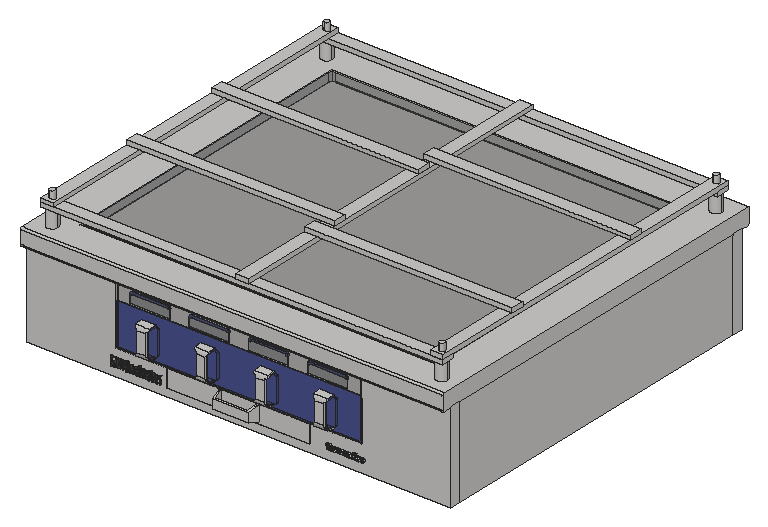
Revit family "QF_ELECTROLUXPROFESSIONAL_589821_MCTCAAJODM", category Specialty Equipment, Revit 2014
Parameters
  Weight in Pounds = 487.22
  URL Cutsheet = ""
  Type Mark [instance] = ""
  Specification by User [instance] = ""
  Specification by Manufacturer = ""
  Serial Number = ""
  Seismic Rating = ""
  SMACNA No = ""
  Revision Code [instance] = ""
  Omniclass Number and Title = ""
  NAFEM Spec ID Number = ""
  Model = "589585"
  Masterspec = ""
  Manufacturer = "ELECTROLUX"
  Item Number [instance] = ""
  Installed By [instance] = ""
  Identify Quantity as Lot [instance] = yes
  Furnished By [instance] = ""
  Foodservice Equipment Identifier [instance] = yes
  Description = "FULL IND+STAT.OVEN,TAP(L)1S,1200X900X700"
  CSI MasterFormat = ""
  CSI Master Format = ""
Reference planes
  plane 1 "BACK": y = 50
  plane 2: z = 0
  plane 3 "LEFT": x = 0
  plane 4 "RIGHT": x = 1000
  plane 5 "FRONT": y = -850
  plane 6 "TOP": z = 900
  plane 7 "Center (Left/Right)": x = 500
  plane 8: y = -400
  plane 9: z = 200
  plane 10: y = -150
  plane 11 "Panel": y = -805
  plane 12: z = 798
  plane 13: z = 1327
  plane 14: x = 78
  plane 15: x = 922
  plane 16: y = -100
  plane 17: y = -600
  plane 18 "EIx": x = 955
  plane 19 "EIy": y = -635
  plane 20: z = 200
  plane 21 "KnobX": x = 935
  plane 22 "BaseTop": z = 650
Forms (mm)
  Extrusion 1, solid, material "QF_Finishes_Stainless Steel"
    sketch origin (-178.969, -4572, 200) x (-1, 0, 0) y (0, -1, 0)
      loop
        line (-178.969, -4577) -> (-178.969, -3767) -> (-1178.969, -3767) -> (-1178.969, -4577) -> (-178.969, -4577)
    from 450 to 662.969
  Extrusion 2, solid, material "QF_Finishes_Stainless Steel"
    sketch origin (0, 0, 650) x (-1, 0, 0) y (0, -1, 0)
      loop
        circle (-955, 635) r 6.35
    from 0 to -11.851
  Extrusion 3, solid, material "QF_Finishes_Stainless Steel"
    sketch origin (500, 296.4, 1219.2) x (0, 1, 0) y (0, 0, 1)
      loop
        line (-246.4, -319.2) -> (-1141.4, -319.2)
        arc (-1141.4, -319.2) -> (-1144.935, -320.664) -> (-1146.4, -324.2) r 5
        line (-1146.4, -324.2) -> (-1146.4, -355.2)
        arc (-1146.4, -355.2) -> (-1144.971, -358.264) -> (-1141.705, -359.139) r 4
        line (-1141.705, -359.139) -> (-1126.4, -356.231) -> (-266.4, -356.231) -> (-251.094, -359.139)
        arc (-251.094, -359.139) -> (-247.829, -358.264) -> (-246.4, -355.2) r 4
        line (-246.4, -355.2) -> (-246.4, -319.2)
    from -500 to 500
  Extrusion 4, solid, material "QF_Finishes_Electrolux_Black Smoke Iluminated"
    sketch origin (0, 0, 900) x (-1, 0, 0) y (0, -1, 0)
      loop
        arc (-90, 30) -> (-82.929, 32.929) -> (-80, 40) r 10
        line (-80, 40) -> (-80, 760)
        arc (-80, 760) -> (-82.929, 767.071) -> (-90, 770) r 10
        line (-90, 770) -> (-911, 770)
        arc (-911, 770) -> (-918.071, 767.071) -> (-921, 760) r 10
        line (-921, 760) -> (-921, 40)
        arc (-921, 40) -> (-918.071, 32.929) -> (-911, 30) r 10
        line (-911, 30) -> (-90, 30)
    from 0 to -20
  Extrusion 5, void
    sketch origin (0, 0, 900) x (-1, 0, 0) y (0, -1, 0)
      loop
        line (-78, 771) -> (-922, 771) -> (-922, 28) -> (-78, 28) -> (-78, 771)
    from 0 to -25
  Extrusion 6, solid, material "QF_Finishes_Stainless Steel"
    sketch origin (0, 0, 900) x (-1, 0, 0) y (0, -1, 0)
      loop
        arc (-90, 32) -> (-84.343, 34.343) -> (-82, 40) r 8
        line (-82, 40) -> (-82, 760)
        arc (-82, 760) -> (-84.343, 765.657) -> (-90, 768) r 8
        line (-90, 768) -> (-910, 768)
        arc (-910, 768) -> (-915.657, 765.657) -> (-918, 760) r 8
        line (-918, 760) -> (-918, 40)
        arc (-918, 40) -> (-915.657, 34.343) -> (-910, 32) r 8
        line (-910, 32) -> (-90, 32)
    from -20 to -25
  Extrusion 7, solid, material "QF_Finishes_Stainless Steel"
    sketch origin (500, 296.4, 1219.2) x (0, 1, 0) y (0, 0, 1)
      loop
        line (-291.4, -569.2) -> (-266.4, -569.2) -> (-266.4, -356.231) -> (-291.4, -356.231) -> (-291.4, -569.2)
    from 500 to -500
Cuts and joins
  Extrusion 5 cuts Extrusion 3
Lines and regions (mm)
  symbolic lines
    curve 1: line (0, 50, 200) -> (1000, 50, 200)
    curve 2: line (0, -850, 200) -> (0, 50, 200)
    curve 3: line (1000, -850, 200) -> (0, -850, 200)
    curve 4: line (1000, 50, 200) -> (1000, -850, 200)
    curve 5: line (910, -30, 200) -> (90, -30, 200)
    curve 6: line (80, -40, 200) -> (80, -760, 200)
    curve 7: line (90, -770, 200) -> (910, -770, 200)
    curve 8: line (920, -760, 200) -> (920, -40, 200)
    curve 9: arc (90, -30, 200) -> (82.929, -32.929, 200) -> (80, -40, 200) r 10
    curve 10: arc (920, -40, 200) -> (917.071, -32.929, 200) -> (910, -30, 200) r 10
    curve 11: arc (910, -770, 200) -> (917.071, -767.071, 200) -> (920, -760, 200) r 10
    curve 12: arc (80, -760, 200) -> (82.929, -767.071, 200) -> (90, -770, 200) r 10
Dimensions and locks
  plane 3 "LEFT" to plane 4 "RIGHT" = 1000 mm
  plane 5 "FRONT" to plane 1 "BACK" = 900 mm
  plane 3 "LEFT" to plane 7 "Center (Left/Right)" to plane 4 "RIGHT" = 500 mm, 500 mm
  equal spacing: plane 5 "FRONT", plane 8, plane 1 "BACK"
  plane 6 "TOP" to level = 900 mm  (x2)
  plane 9 to level = 200 mm
  plane 1 "BACK" to plane 10 to plane 11 "Panel" = 200 mm, 655 mm  (x2)
  plane 6 "TOP" to plane 9 to level = 700 mm, 200 mm
  plane 1 "BACK" to plane 5 "FRONT" = 900 mm
  plane 1 "BACK" to Extrusion 2 = 685 mm
  plane 12 to plane 9 = 598 mm
  plane 13 to plane 6 "TOP" = 427 mm
  plane 6 "TOP" to plane 12 = 102 mm
  plane 14 to plane 3 "LEFT" = 78 mm
  plane 15 to plane 4 "RIGHT" = 78 mm
  locked: plane 1 "BACK" to plane 16 at 150
  locked: plane 16 to plane 17 at 500
  plane 11 "Panel" to plane 5 "FRONT" = 45 mm
  plane 18 "EIx" to plane 4 "RIGHT" = 45 mm
  plane 19 "EIy" to plane 1 "BACK" = 685 mm
  plane 21 "KnobX" to plane 4 "RIGHT" = 65 mm
  aligned and locked: level to plane 2
  aligned and locked: nested 1 to plane 11 "Panel"
  aligned and locked: plane 3 "LEFT" to nested 1
  aligned and locked: Extrusion 4 sketch curve to curve 5
  aligned and locked: Extrusion 4 sketch curve to curve 7
  aligned and locked: Extrusion 5 sketch curve to plane 14
  aligned and locked: plane 15 to Extrusion 5 sketch curve
Automatic sketch dimensions
  Extrusion 3 sketch curve to plane 5 "FRONT" = 0 mm
  Extrusion 3 sketch curve to plane 6 "TOP" = 0 mm
  Extrusion 3 sketch curve to plane 1 "BACK" = 0 mm
  Extrusion 3 sketch curve to plane 5 "FRONT" = 4 mm
  Extrusion 3 sketch curve to Extrusion 3 sketch curve = 0.695 mm
  Extrusion 3 sketch curve to plane 5 "FRONT" = 5 mm
  Extrusion 3 sketch curve to Extrusion 3 sketch curve = 15.305 mm
  plane 1 "BACK" to Extrusion 3 sketch curve = 20 mm
  plane 1 "BACK" to Extrusion 3 sketch curve = 4.695 mm
  Extrusion 3 sketch curve to Extrusion 3 sketch curve = 4 mm
  Extrusion 3 sketch curve to Extrusion 3 sketch curve = 31 mm
  Extrusion 3 sketch curve to plane 6 "TOP" = 36 mm
  Extrusion 3 sketch curve to Extrusion 3 sketch curve = 2.909 mm
  plane 15 to Extrusion 4 sketch curve = 1 mm
  Extrusion 4 sketch curve to plane 14 = 2 mm
  plane 15 to Extrusion 4 sketch curve = 11 mm  (x2)
  Extrusion 4 sketch curve to Extrusion 4 sketch curve = 10 mm  (x2)
  Extrusion 5 sketch curve to plane 16 = 72 mm
  plane 11 "Panel" to Extrusion 5 sketch curve = 34 mm
  Extrusion 1 sketch curve to plane 4 "RIGHT" = 0 mm
  Extrusion 1 sketch curve to plane 3 "LEFT" = 0 mm
  Extrusion 1 sketch curve to plane 11 "Panel" = 0 mm
  plane 1 "BACK" to Extrusion 1 sketch curve = 45 mm
  plane 1 "BACK" to curve 1 = 0 mm
  curve 1 to plane 4 "RIGHT" = 0 mm
  plane 15 to curve 8 = 2 mm
  curve 6 to plane 14 = 2 mm
  curve 2 to plane 3 "LEFT" = 0 mm
  plane 5 "FRONT" to curve 3 = 0 mm
  plane 15 to curve 5 = 12 mm
  plane 15 to curve 11 = 12 mm
  curve 5 to plane 14 = 12 mm
  curve 12 to curve 6 = 10 mm
  curve 5 to plane 16 = 70 mm
  plane 17 to curve 11 = 160 mm
  plane 15 to Extrusion 6 sketch curve = 4 mm
  Extrusion 6 sketch curve to Extrusion 6 sketch curve = 8 mm  (x2)
  Extrusion 6 sketch curve to plane 14 = 12 mm  (x2)
  Extrusion 6 sketch curve to plane 14 = 4 mm
  Extrusion 6 sketch curve to plane 16 = 68 mm
  plane 11 "Panel" to Extrusion 6 sketch curve = 45 mm
  plane 1 "BACK" to Extrusion 7 sketch curve = 45 mm
  plane 1 "BACK" to Extrusion 7 sketch curve = 20 mm
  Extrusion 7 sketch curve to plane 12 = 148 mm
  Extrusion 7 sketch curve to plane 6 "TOP" = 37.031 mm
  Extrusion 2 sketch curve to plane 18 "EIx" = 0 mm
  Extrusion 2 sketch curve to plane 19 "EIy" = 0 mm
  radius of Extrusion 2 sketch curve = 6.35 mm
Nested families
  nested 1: "Front_Panel_W1000_Four Knobs" at (202.376, -805, 0), type "Front_Panel_W1000_Four Knobs"
  nested 2: "Warm" at (1000, -800, 0), type "Warm"
  nested 3: "QF_ELECTROLUXPROFESSIONAL_MARINE1000x900_1" at (100, 50, 0), type "QF_ELECTROLUXPROFESSIONAL_MARINE1000x900_1"
    with Type Mark "", Specification by User "", Revision Code "", Item Number "", Installed By "", Identify Quantity as Lot yes, Furnished By "", Foodservice Equipment Identifier yes
Connectors
  electrical at (955, -635, 638.149)
    settings: on Extrusion 2, index 1, voltage 400 V, apparent load 33000 VA, apparent load phase1 0 VA, apparent load phase2 0 VA, apparent load phase3 0 VA, power factor 1, load classification "Other", number of poles 1, system type 30, power factor state 1, is connector primary yes, connector utility no, sub classification motor no, connector description "ELECTRICAL CONNECTION"
Definition of nested family "Front_Panel_W1000_Four Knobs"
  Reference planes
    plane 1 "Center (Front/Back)": y = 0
    plane 2: z = 0
    plane 3 "Center (Left/Right)": x = 297.624
    plane 4 "Left": x = -202.376
    plane 5 "Right": x = 797.624
    plane 6: y = -45
    plane 7: x = 87.624
    plane 8: x = 227.624
    plane 9: y = -310
    plane 10: y = -25
    plane 11: x = -2.376
    plane 12: x = 367.624
    plane 13: x = 507.624
    plane 14: x = 594.715
  Forms (mm)
    Extrusion 1, solid, material "QF_Finishes_Stainless Steel"
      sketch origin (833.217, 829.203, -1.25) x (0, 1, 0) y (0, 0, 1)
        loop
          line (-854.203, 651.25) -> (-829.203, 651.25) -> (-829.203, 864.25) -> (-854.203, 864.25) -> (-854.203, 651.25)
      from -1035.593 to -35.593
    Extrusion 2, void
      sketch origin (0, 0, 0) x (1, 0, 0) y (0, 0, 1)
        loop
          line (7.624, 853.866) -> (7.624, 711.866) -> (587.624, 711.866) -> (587.624, 853.866) -> (7.624, 853.866)
      from 19.387 to 33.951
    Extrusion 3, void
      sketch origin (0, 0, 0) x (1, 0, 0) y (0, 0, 1)
        loop
          line (128.624, 711.866) -> (128.624, 668.866) -> (466.624, 668.866) -> (466.624, 711.866) -> (128.624, 711.866)
      from 19.387 to 25
    Extrusion 4, solid, material "QF_Finishes_Stainless Steel"
      sketch origin (150, 0, 1) x (1, 0, 0) y (0, 0, 1)
        loop
          line (-21.376, 710.866) -> (-21.376, 667.866) -> (316.624, 667.866) -> (316.624, 710.866) -> (-21.376, 710.866)
      from 19.387 to 25
    Extrusion 5, solid, material "QF_Finishes_Stainless Steel"
      sketch origin (150, 0, 1) x (1, 0, 0) y (0, 1, 0)
        loop
          line (106.059, -25) -> (100.966, -25) -> (105.646, -49.075) -> (189.603, -49.075) -> (194.283, -25) -> (189.189, -25) -> (185.481, -44.075) -> (109.767, -44.075) -> (106.059, -25)
      from 672.593 to 705.67
    Extrusion 6, void
      sketch origin (297.624, 0, 1) x (0, 1, 0) y (0, 0, 1)
        loop
          line (-30, 705.67) -> (-30, 710.67) -> (-56.744, 710.67) -> (-56.744, 667.593) -> (-30, 667.593) -> (-30, 672.593) -> (-53.776, 680.318) -> (-53.776, 697.945) -> (-30, 705.67)
      from -50 to 50
    Extrusion 7, solid, material "QF_Door-Drawer Clearances", detail levels coarse
      sketch origin (150, -265, 1) x (1, 0, 0) y (0, 1, 0)
        loop
          line (106.164, -71.744) -> (189.084, -71.744) -> (194.283, -45) -> (316.624, -45) -> (316.624, 240) -> (-21.376, 240) -> (-21.376, -45) -> (100.966, -45) -> (106.164, -71.744)
      from 672.593 to 705.67
    Extrusion 8, void
      sketch origin (297.624, -280, 1) x (0, 1, 0) y (0, 0, 1)
        loop
          line (-30, 705.67) -> (-30, 710.67) -> (-56.744, 710.67) -> (-56.744, 667.593) -> (-30, 667.593) -> (-30, 672.593) -> (-53.776, 680.318) -> (-53.776, 697.945) -> (-30, 705.67)
      from -50 to 50
  Cuts and joins
    Extrusion 2, Extrusion 3 cuts Extrusion 1
    Extrusion 6 cuts Extrusion 5
    Extrusion 6, Extrusion 8 cuts Extrusion 7
  Lines and regions (mm)
    symbolic lines, style "SpecialityEquipmentHiddenLines"
      curve 1: line (128.624, -45, 0) -> (128.624, -310, 0)
      curve 2: line (128.624, -310, 0) -> (466.624, -310, 0)
      curve 3: line (466.624, -310, 0) -> (466.624, -45, 0)
      curve 4: line (128.624, -300, 0) -> (466.624, -300, 0)
      curve 5: line (250.908, -309.701, 0) -> (255.587, -333.776, 0)
      curve 6: line (255.587, -333.776, 0) -> (339.545, -333.776, 0)
      curve 7: line (339.545, -333.776, 0) -> (344.225, -309.701, 0)
      curve 8: line (256.001, -309.701, 0) -> (259.709, -328.776, 0)
      curve 9: line (259.709, -328.776, 0) -> (335.423, -328.776, 0)
      curve 10: line (335.423, -328.776, 0) -> (339.131, -309.701, 0)
  Dimensions and locks
    equal spacing: plane 5 "Right", plane 3 "Center (Left/Right)", plane 4 "Left"
    plane 5 "Right" to plane 4 "Left" = 1000 mm
    plane 3 "Center (Left/Right)" to plane 7 = 210 mm
    plane 3 "Center (Left/Right)" to plane 8 = 70 mm
    plane 6 to plane 9 = 265 mm
    plane 13 to plane 3 "Center (Left/Right)" = 210 mm
    plane 12 to plane 3 "Center (Left/Right)" = 70 mm
    aligned and locked: cut or joined group of Extrusion 1, Extrusion 2, Extrusion 3 to plane 4 "Left"
    aligned and locked: plane 5 "Right" to cut or joined group of Extrusion 1, Extrusion 2, Extrusion 3
    aligned and locked: plane 3 "Center (Left/Right)" to nested 2
    aligned and locked: cut or joined group of Extrusion 1, Extrusion 2, Extrusion 3 to nested 2
  Automatic sketch dimensions
    plane 7 to Extrusion 3 sketch curve = 41 mm
    plane 3 "Center (Left/Right)" to Extrusion 3 sketch curve = 169 mm
    level to Extrusion 3 sketch curve = 668.866 mm
    Extrusion 3 sketch curve to Extrusion 3 sketch curve = 43 mm
    Extrusion 1 sketch curve to plane 1 "Center (Front/Back)" = 0 mm
    level to Extrusion 1 sketch curve = 650 mm
    plane 4 "Left" to Extrusion 2 sketch curve = 210 mm
    Extrusion 2 sketch curve to plane 5 "Right" = 210 mm
    level to Extrusion 2 sketch curve = 711.866 mm
    Extrusion 2 sketch curve to Extrusion 2 sketch curve = 142 mm
    plane 6 to curve 1 = 0 mm
    plane 6 to curve 3 = 0 mm
    plane 9 to curve 1 = 0 mm
    plane 7 to curve 1 = 41 mm
    curve 1 to curve 4 = 10 mm
    Extrusion 1 sketch curve to plane 6 = 20 mm
    Extrusion 1 sketch curve to Extrusion 1 sketch curve = 213 mm
    plane 7 to Extrusion 4 sketch curve = 41 mm
    Extrusion 4 sketch curve to plane 13 = 41 mm
    level to Extrusion 4 sketch curve = 668.866 mm
    Extrusion 4 sketch curve to Extrusion 4 sketch curve = 43 mm
    plane 10 to Extrusion 5 sketch curve = 0 mm  (x2)
    plane 8 to Extrusion 5 sketch curve = 23.342 mm
    plane 6 to Extrusion 5 sketch curve = 4.075 mm
    Extrusion 5 sketch curve to Extrusion 5 sketch curve = 4.68 mm
    Extrusion 5 sketch curve to Extrusion 5 sketch curve = 5.094 mm  (x2)
    Extrusion 5 sketch curve to plane 6 = 0.925 mm
    Extrusion 5 sketch curve to Extrusion 5 sketch curve = 4.122 mm  (x2)
    Extrusion 5 sketch curve to plane 12 = 32.143 mm
    Extrusion 5 sketch curve to Extrusion 5 sketch curve = 3.708 mm
    plane 6 to Extrusion 6 sketch curve = 11.744 mm
    plane 6 to Extrusion 6 sketch curve = 8.776 mm
    plane 10 to Extrusion 6 sketch curve = 5 mm  (x2)
    level to Extrusion 6 sketch curve = 668.593 mm
    Extrusion 6 sketch curve to Extrusion 6 sketch curve = 5 mm
    Extrusion 6 sketch curve to Extrusion 6 sketch curve = 12.725 mm  (x2)
    Extrusion 6 sketch curve to Extrusion 6 sketch curve = 17.627 mm
    Extrusion 6 sketch curve to Extrusion 6 sketch curve = 7.725 mm
    plane 10 to Extrusion 7 sketch curve = 0 mm
    Extrusion 7 sketch curve to plane 9 = 0 mm  (x2)
    plane 7 to Extrusion 7 sketch curve = 41 mm
    plane 8 to Extrusion 7 sketch curve = 23.342 mm
    Extrusion 7 sketch curve to Extrusion 7 sketch curve = 5.199 mm
    Extrusion 7 sketch curve to plane 12 = 28.54 mm
    Extrusion 7 sketch curve to plane 12 = 23.342 mm
    Extrusion 7 sketch curve to plane 13 = 41 mm
    Extrusion 7 sketch curve to plane 9 = 26.744 mm
    Extrusion 8 sketch curve to plane 9 = 0 mm  (x2)
    Extrusion 8 sketch curve to plane 9 = 23.776 mm
    Extrusion 8 sketch curve to Extrusion 8 sketch curve = 2.968 mm
    level to Extrusion 8 sketch curve = 668.593 mm
    Extrusion 8 sketch curve to Extrusion 8 sketch curve = 5 mm
    Extrusion 8 sketch curve to Extrusion 8 sketch curve = 12.725 mm  (x2)
    Extrusion 8 sketch curve to Extrusion 8 sketch curve = 17.627 mm
    Extrusion 8 sketch curve to Extrusion 8 sketch curve = 7.725 mm
    curve 3 to plane 13 = 41 mm
    plane 9 to curve 5 = 0.299 mm
    plane 8 to curve 5 = 23.283 mm
    curve 5 to curve 5 = 4.68 mm
    plane 9 to curve 8 = 0.299 mm
    curve 5 to curve 8 = 5.094 mm
    curve 5 to curve 9 = 4.122 mm
    curve 9 to plane 12 = 32.201 mm
    plane 9 to curve 10 = 0.299 mm
    curve 9 to curve 10 = 3.708 mm
    curve 9 to curve 7 = 4.122 mm
    plane 9 to curve 7 = 0.299 mm
    curve 10 to curve 7 = 5.094 mm
    curve 9 to plane 9 = 18.776 mm
    curve 6 to curve 8 = 5 mm
  Nested families
    nested 1: "Range Control Handle" at (87.624, -28.137, -209.113) x (-1, 0, 0) z (0, 0, 1), type "Range Control Handle"
    nested 2: "Front glass control panel W1000" at (297.624, 280.644, 2.752), type "Front glass control panel W1000"
    nested 3: "Range Control Handle" at (227.624, -28.137, -209.113) x (-1, 0, 0) z (0, 0, 1), type "Range Control Handle"
    nested 4: "Range Control Handle" at (367.624, -28.137, -209.113), type "Range Control Handle"
    nested 5: "Range Control Handle" at (507.624, -28.137, -209.113), type "Range Control Handle"
    nested 6: "ELX_ThermaLine_Small" at (546.122, -25, 679.426) x (1, 0, 0) z (0, -1, 0), type "ELX_ThermaLine_Small"
      with Show Logo yes, Material_Logo QF_Finishes_Black
    nested 7: "ELX_Professional_Logo_Small" at (57.11, -25, 681.659) x (1, 0, 0) z (0, -1, 0), type "ELX_Professional_Logo_Small"
      with Show Logo yes, Material_Logo QF_Finishes_Black
  Definition of nested family "Range Control Handle"
    Reference planes
      plane 1 "Center (Front/Back)": y = 0
      plane 2: z = 0
      plane 3 "Center (Left/Right)": x = 0
      plane 4: z = 971.092
      plane 5: y = -16.9
    Forms (mm)
      Extrusion 1, solid, material "QF_Finishes_Electrolux Cyan"
        sketch origin (-746.28, 380.497, 208.931) x (-1, 0, 0) y (0, 0, 1)
          loop
            line (-770.101, 786.798) -> (-770.101, 731.649)
            arc (-770.101, 731.649) -> (-769.759, 730.563) -> (-768.855, 729.87) r 1.893
            line (-768.855, 729.87) -> (-763.474, 727.911) -> (-729.81, 727.911) -> (-724.428, 729.87)
            arc (-724.428, 729.87) -> (-723.525, 730.563) -> (-723.183, 731.649) r 1.893
            line (-723.183, 731.649) -> (-723.183, 786.798)
            arc (-723.183, 786.798) -> (-723.529, 787.894) -> (-724.44, 788.593) r 1.91
            line (-724.44, 788.593) -> (-729.683, 790.819) -> (-763.601, 790.819) -> (-768.844, 788.593)
            arc (-768.844, 788.593) -> (-769.755, 787.894) -> (-770.101, 786.798) r 1.91
        from -382.35 to -378.852
      Sweep 2, solid, material "QF_Finishes_Electrolux Cyan"
        path origin (-746.788, 380.496, 208.091) x (0, -1, 0) y (0, 0, 1)
          loop
            line (379.775, 793.281) -> (395.661, 791.048)
            arc (395.661, 791.048) -> (397.781, 787.377) -> (398.517, 783.202) r 12.207
            line (398.517, 783.202) -> (398.517, 737.368)
            arc (398.517, 737.368) -> (397.781, 733.193) -> (395.661, 729.522) r 12.207
            line (395.661, 729.522) -> (379.775, 727.289)
        profile origin (-746.788, -7.222, 1000.256) x (0, -0.139173, 0.990268) y (-1, 0, 0)
          loop
            line (0.782, -763.123) -> (0.782, -730.907) -> (-1.322, -730.907) -> (-1.322, -763.123) -> (0.782, -763.123)
      Sweep 3, solid, material "QF_Finishes_Stainless Steel"
        path origin (-746.788, 380.715, 207.832) x (0, -1, 0) y (0, 0, 1)
          loop
            line (380.478, 795.442) -> (397.218, 793.09)
            arc (397.218, 793.09) -> (399.929, 788.473) -> (400.871, 783.202) r 15.207
            line (400.871, 783.202) -> (400.871, 737.584)
            arc (400.871, 737.584) -> (399.914, 732.274) -> (397.164, 727.633) r 15.207
            line (397.164, 727.633) -> (380.601, 725.305)
        profile origin (-746.788, -8.132, 1002.099) x (0, -0.139173, 0.990268) y (-1, 0, 0)
          loop
            line (0.782, -763.123) -> (0.782, -730.907) -> (-1.322, -730.907) -> (-1.322, -763.123) -> (0.782, -763.123)
      Extrusion 4, void
        sketch origin (889.253, 220.666, 207.993) x (1, 0, 0) y (0, 0, 1)
          loop
            line (-943.038, 816.854) -> (-943.038, 703.686) -> (-899.466, 734.196) -> (-899.466, 786.344) -> (-943.038, 816.854)
        from 230.636 to 242.25
      Extrusion 5, void
        sketch origin (-888.8, 220.666, 207.993) x (-1, 0, 0) y (0, 0, -1)
          loop
            line (-943.038, -816.854) -> (-899.466, -786.344) -> (-899.466, -734.196) -> (-943.038, -703.686) -> (-943.038, -816.854)
        from 230.636 to 242.25
      Extrusion 6, solid, material "QF_Finishes_Electrolux Cyan"
        sketch origin (0, 0, 0) x (1, 0, 0) y (0, 0, 1)
          loop
            circle (0, 971.092) r 7.736
        from -3.137 to -1.645
    Cuts and joins
      Extrusion 4, Extrusion 5 cuts Sweep 3
      Extrusion 4, Extrusion 5 cuts Sweep 2
      joined: Extrusion 1, Extrusion 6
    Lines and regions (mm)
      symbolic lines
        curve 1: line (16.334, -16.9, 0) -> (16.334, -19.227, 0)
        curve 2: spline (16.334, -19.227, 0) -> (15.87, -19.385, 0) -> (15.404, -19.536, 0) -> (14.936, -19.678, 0) -> (14.466, -19.813, 0) -> (13.995, -19.94, 0) -> (13.523, -20.059, 0) -> (13.049, -20.171, 0) -> (12.575, -20.274, 0) -> (12.099, -20.37, 0) -> (11.622, -20.458, 0) -> (11.144, -20.537, 0) -> (10.666, -20.609, 0)
        curve 3: line (10.666, -16.9, 0) -> (10.666, -20.938, 0)
        curve 4: line (-10.213, -20.938, 0) -> (10.666, -20.938, 0)
        curve 5: line (-10.213, -20.938, 0) -> (-10.213, -16.9, 0)
        curve 6: spline (-10.213, -20.609, 0) -> (-10.691, -20.537, 0) -> (-11.169, -20.458, 0) -> (-11.646, -20.37, 0) -> (-12.122, -20.274, 0) -> (-12.597, -20.171, 0) -> (-13.07, -20.059, 0) -> (-13.542, -19.94, 0) -> (-14.013, -19.813, 0) -> (-14.483, -19.678, 0) -> (-14.951, -19.536, 0) -> (-15.417, -19.385, 0) -> (-15.881, -19.227, 0)
        curve 7: line (-15.881, -19.227, 0) -> (-15.881, -16.9, 0)
  Definition of nested family "Front glass control panel W1000"
    Reference planes
      plane 1 "Center (Front/Back)": y = 0
      plane 2: z = 0
      plane 3 "Center (Left/Right)": x = 0
    Forms (mm)
      Extrusion 1, solid, material "QF_Finishes_Electrolux Cyan"
        sketch origin (378.286, 0, 0.617) x (1, 0, 0) y (0, 0, 1)
          loop
            line (-668.286, 806.791) -> (-668.286, 708.497) -> (-88.286, 708.497) -> (-88.286, 806.791) -> (-668.286, 806.791)
        from 300.031 to 304.8
      Extrusion 2, solid, material "QF_Finishes_Electrolux_Black"
        sketch origin (378.286, 0, 0.617) x (1, 0, 0) y (0, 0, 1)
          loop
            line (-668.286, 850.497) -> (-668.286, 806.791) -> (-88.286, 806.791) -> (-88.286, 850.497) -> (-668.286, 850.497)
        from 300.031 to 304.8
      Extrusion 3, void
        sketch origin (378.286, 0, 0.617) x (1, 0, 0) y (0, 0, 1)
          loop
            line (-665.628, 847.565) -> (-665.628, 710.699) -> (-91.196, 710.699) -> (-91.196, 847.565) -> (-665.628, 847.565)
        from 303.697 to 304.8
      Extrusion 4, solid, material "QF_Finishes_Electrolux_Black Smoke Iluminated"
        sketch origin (-378.333, 1.101, -0.633) x (-1, 0, 0) y (0, 0, -1)
          loop
            line (-261.431, -812.62) -> (-355.186, -812.62) -> (-355.186, -834.177) -> (-350.269, -834.177) -> (-348.469, -835.977) -> (-268.039, -835.977) -> (-266.24, -834.177) -> (-261.431, -834.177) -> (-261.431, -812.62)
        from 304.798 to 306.745
      Extrusion 5, solid, material "QF_Finishes_Electrolux_Royal Blue Illuminated"
        sketch origin (-378.333, 1.101, -0.633) x (-1, 0, 0) y (0, 0, -1)
          loop
            line (-350.269, -834.177) -> (-355.078, -834.177)
            arc (-355.078, -834.177) -> (-353.942, -838.747) -> (-349.686, -840.763) r 5.5
            line (-349.686, -840.763) -> (-266.98, -840.763)
            arc (-266.98, -840.763) -> (-262.706, -838.752) -> (-261.529, -834.177) r 5.549
            line (-261.529, -834.177) -> (-266.24, -834.177) -> (-268.039, -835.977) -> (-348.469, -835.977) -> (-350.269, -834.177)
        from 304.798 to 306.745
      Extrusion 6, solid, material "QF_Finishes_Electrolux_Black Smoke Iluminated"
        sketch origin (-518.333, 1.101, -0.633) x (-1, 0, 0) y (0, 0, -1)
          loop
            line (-261.431, -812.62) -> (-355.186, -812.62) -> (-355.186, -834.177) -> (-350.269, -834.177) -> (-348.469, -835.977) -> (-268.039, -835.977) -> (-266.24, -834.177) -> (-261.431, -834.177) -> (-261.431, -812.62)
        from 304.798 to 306.745
      Extrusion 7, solid, material "QF_Finishes_Electrolux_Royal Blue Illuminated"
        sketch origin (-518.333, 1.101, -0.633) x (-1, 0, 0) y (0, 0, -1)
          loop
            line (-350.269, -834.177) -> (-355.078, -834.177)
            arc (-355.078, -834.177) -> (-353.942, -838.747) -> (-349.686, -840.763) r 5.5
            line (-349.686, -840.763) -> (-266.98, -840.763)
            arc (-266.98, -840.763) -> (-262.706, -838.752) -> (-261.529, -834.177) r 5.549
            line (-261.529, -834.177) -> (-266.24, -834.177) -> (-268.039, -835.977) -> (-348.469, -835.977) -> (-350.269, -834.177)
        from 304.798 to 306.745
      Extrusion 8, solid, material "QF_Finishes_Electrolux_Black Smoke Iluminated"
        sketch origin (378.333, 1.101, -0.633) x (1, 0, 0) y (0, 0, 1)
          loop
            line (-261.431, 812.62) -> (-261.431, 834.177) -> (-266.24, 834.177) -> (-268.039, 835.977) -> (-348.469, 835.977) -> (-350.269, 834.177) -> (-355.186, 834.177) -> (-355.186, 812.62) -> (-261.431, 812.62)
        from 304.798 to 306.745
      Extrusion 9, solid, material "QF_Finishes_Electrolux_Royal Blue Illuminated"
        sketch origin (378.333, 1.101, -0.633) x (1, 0, 0) y (0, 0, 1)
          loop
            line (-350.269, 834.177) -> (-348.469, 835.977) -> (-268.039, 835.977) -> (-266.24, 834.177) -> (-261.529, 834.177)
            arc (-261.529, 834.177) -> (-262.706, 838.752) -> (-266.98, 840.763) r 5.549
            line (-266.98, 840.763) -> (-349.686, 840.763)
            arc (-349.686, 840.763) -> (-353.942, 838.747) -> (-355.078, 834.177) r 5.5
            line (-355.078, 834.177) -> (-350.269, 834.177)
        from 304.798 to 306.745
      Extrusion 10, solid, material "QF_Finishes_Electrolux_Black Smoke Iluminated"
        sketch origin (518.333, 1.101, -0.633) x (1, 0, 0) y (0, 0, 1)
          loop
            line (-261.431, 812.62) -> (-261.431, 834.177) -> (-266.24, 834.177) -> (-268.039, 835.977) -> (-348.469, 835.977) -> (-350.269, 834.177) -> (-355.186, 834.177) -> (-355.186, 812.62) -> (-261.431, 812.62)
        from 304.798 to 306.745
      Extrusion 11, solid, material "QF_Finishes_Electrolux_Royal Blue Illuminated"
        sketch origin (518.333, 1.101, -0.633) x (1, 0, 0) y (0, 0, 1)
          loop
            line (-350.269, 834.177) -> (-348.469, 835.977) -> (-268.039, 835.977) -> (-266.24, 834.177) -> (-261.529, 834.177)
            arc (-261.529, 834.177) -> (-262.706, 838.752) -> (-266.98, 840.763) r 5.549
            line (-266.98, 840.763) -> (-349.686, 840.763)
            arc (-349.686, 840.763) -> (-353.942, 838.747) -> (-355.078, 834.177) r 5.5
            line (-355.078, 834.177) -> (-350.269, 834.177)
        from 304.798 to 306.745
    Cuts and joins
      Extrusion 3 cuts Extrusion 1
      Extrusion 3 cuts Extrusion 2
    Dimensions and locks
      aligned and locked: Extrusion 1 to Extrusion 2
      aligned and locked: Extrusion 5 sketch curve to Extrusion 4  (x5)
      aligned and locked: Extrusion 5 to Extrusion 4
      aligned and locked: Extrusion 7 sketch curve to Extrusion 6  (x5)
      aligned and locked: Extrusion 7 to Extrusion 6
      aligned and locked: Extrusion 9 sketch curve to Extrusion 8  (x4)
      aligned and locked: Extrusion 8 to Extrusion 9 sketch curve
      aligned and locked: Extrusion 9 to Extrusion 8
      aligned and locked: Extrusion 11 sketch curve to Extrusion 10  (x4)
      aligned and locked: Extrusion 10 to Extrusion 11 sketch curve
      aligned and locked: Extrusion 11 to Extrusion 10
  Definition of nested family "ELX_ThermaLine_Small"
    Parameters (values of type "ELX_ThermaLine_Small")
      Show Logo [instance] = yes
      Material_Logo [instance] = QF_Finishes_Black
      Default Elevation = 0 mm
    Reference planes
      plane 1 "Centro (Fronte/Retro)": y = 0
      plane 2: z = 0
      plane 3 "Centro (Sinistra/Destra)": x = 0
    Forms (mm)
      Extrusion 1, solid
        sketch origin (0, 0, 0) x (1, 0, 0) y (0, 1, 0)
          loop
            line (-1219.2, 1219.2) -> (-1219.2, -1219.2) -> (1219.2, -1219.2) -> (1219.2, 1219.2) -> (-1219.2, 1219.2)
        from 0 to -304.8
      Extrusion 2, solid, material "QF_Finishes_White"
        sketch origin (0, 0, 0) x (1, 0, 0) y (0, 1, 0)
          loop
            line (-37.494, 1.229) -> (-35.908, 1.229) -> (-35.908, 3.066) -> (-37.494, 3.066) -> (-37.494, 6.221) -> (-39.867, 4.881) -> (-39.867, 3.066) -> (-40.969, 3.066) -> (-40.969, 1.229) -> (-39.867, 1.229) -> (-39.867, -3.407)
            arc (-39.867, -3.407) -> (-38.982, -5.513) -> (-36.751, -6.001) r 2.478
            line (-36.751, -6.001) -> (-35.638, -5.7) -> (-35.9, -3.835) -> (-36.661, -4.039)
            arc (-36.661, -4.039) -> (-37.236, -3.924) -> (-37.494, -3.399) r 0.662
            line (-37.494, -3.399) -> (-37.494, 1.229)
          loop
            line (-34.242, 6.539) -> (-34.242, -5.848) -> (-31.854, -5.848) -> (-31.854, -0.078)
            arc (-31.854, -0.078) -> (-30.939, 1.249) -> (-29.33, 1.367) r 1.866
            arc (-29.33, 1.367) -> (-28.695, 0.768) -> (-28.461, -0.073) r 1.627
            line (-28.461, -0.073) -> (-28.461, -5.848) -> (-26.086, -5.848) -> (-26.064, -0.46)
            arc (-26.064, -0.46) -> (-26.261, 0.932) -> (-26.786, 2.237) r 5.825
            arc (-26.786, 2.237) -> (-29.381, 3.264) -> (-31.854, 1.971) r 3.353
            line (-31.854, 1.971) -> (-31.854, 6.539) -> (-34.242, 6.539)
          loop
            arc (-18.398, -0.598) -> (-18.893, 0.879) -> (-20.326, 1.487) r 1.897
            arc (-20.326, 1.487) -> (-21.461, 0.708) -> (-21.897, -0.598) r 2.164
            line (-21.897, -0.598) -> (-18.398, -0.598)
          loop
            arc (-16.021, -2.044) -> (-16.754, 1.227) -> (-19.444, 3.226) r 4.814
            arc (-19.444, 3.226) -> (-22.137, 2.788) -> (-23.943, 0.743) r 4.054
            arc (-23.943, 0.743) -> (-24.382, -1.249) -> (-24.162, -3.276) r 6.289
            arc (-24.162, -3.276) -> (-23.302, -4.71) -> (-21.958, -5.705) r 4.28
            arc (-21.958, -5.705) -> (-18.558, -5.814) -> (-16.152, -3.409) r 4.28
            line (-16.152, -3.409) -> (-18.5, -2.995)
            arc (-18.5, -2.995) -> (-19.273, -3.994) -> (-20.533, -4.076) r 1.536
            arc (-20.533, -4.076) -> (-21.56, -3.281) -> (-21.958, -2.044) r 2.197
            line (-21.958, -2.044) -> (-16.021, -2.044)
          loop
            line (-14.165, -5.848) -> (-11.819, -5.848) -> (-11.819, -2.138)
            arc (-11.819, -2.138) -> (-11.787, -1.156) -> (-11.637, -0.185) r 8.18
            arc (-11.637, -0.185) -> (-10.644, 0.972) -> (-9.132, 0.776) r 1.603
            line (-9.132, 0.776) -> (-8.419, 2.846)
            arc (-8.419, 2.846) -> (-10.432, 3.118) -> (-11.994, 1.821) r 2.527
            line (-11.994, 1.821) -> (-11.994, 3.094) -> (-14.165, 3.094) -> (-14.165, -5.848)
          loop
            line (-7.579, 3.094) -> (-7.579, -5.848) -> (-5.178, -5.848) -> (-5.178, -0.756)
            arc (-5.178, -0.756) -> (-4.727, 0.679) -> (-3.417, 1.419) r 2.05
            arc (-3.417, 1.419) -> (-2.499, 0.908) -> (-2.155, -0.085) r 1.471
            line (-2.155, -0.085) -> (-2.155, -5.848) -> (0.23, -5.848) -> (0.23, -1.001)
            arc (0.23, -1.001) -> (0.47, 0.127) -> (1.148, 1.061) r 2.775
            arc (1.148, 1.061) -> (2.225, 1.329) -> (3.05, 0.587) r 1.182
            arc (3.05, 0.587) -> (3.199, -0.019) -> (3.214, -0.642) r 2.894
            line (3.214, -0.642) -> (3.214, -5.848) -> (5.601, -5.848) -> (5.601, 0.261)
            arc (5.601, 0.261) -> (4.87, 2.263) -> (2.976, 3.241) r 2.932
            arc (2.976, 3.241) -> (1.284, 2.973) -> (-0.047, 1.896) r 3.309
            arc (-0.047, 1.896) -> (-1.116, 2.865) -> (-2.506, 3.258) r 3.16
            arc (-2.506, 3.258) -> (-4.105, 2.942) -> (-5.376, 1.92) r 3.419
            line (-5.376, 1.92) -> (-5.376, 3.094) -> (-7.579, 3.094)
          loop
            line (7.583, 0.738) -> (9.702, 0.364)
            arc (9.702, 0.364) -> (11.441, 1.492) -> (12.855, -0.023) r 1.613
            line (12.855, -0.023) -> (9.782, -0.789)
            arc (9.782, -0.789) -> (8.559, -1.346) -> (7.617, -2.305) r 3.687
            arc (7.617, -2.305) -> (7.499, -3.681) -> (7.901, -5.003) r 3.651
            arc (7.901, -5.003) -> (9.107, -5.766) -> (10.515, -6.006) r 3.635
            arc (10.515, -6.006) -> (11.898, -5.697) -> (13.067, -4.895) r 3.734
            line (13.067, -4.895) -> (13.376, -5.848) -> (15.75, -5.848) -> (15.212, -4.193) -> (15.212, 0.38)
            arc (15.212, 0.38) -> (14.897, 1.849) -> (13.818, 2.895) r 2.585
            arc (13.818, 2.895) -> (11.792, 3.442) -> (9.719, 3.11) r 5.005
            arc (9.719, 3.11) -> (8.369, 2.178) -> (7.583, 0.738) r 3.54
          loop
            line (19.723, -5.848) -> (22.233, -5.848) -> (24.854, 6.484) -> (22.345, 6.484) -> (19.723, -5.848)
          loop
            line (24.583, -5.848) -> (26.953, -5.848) -> (28.848, 3.066) -> (26.478, 3.066) -> (24.583, -5.848)
          loop
            line (27.204, 6.484) -> (26.741, 4.305) -> (29.111, 4.305) -> (29.575, 6.484) -> (27.204, 6.484)
          loop
            line (29.355, -5.848) -> (31.849, -5.848) -> (33.098, 0.028)
            arc (33.098, 0.028) -> (34.169, 1.306) -> (35.832, 1.422) r 2.132
            arc (35.832, 1.422) -> (36.324, 0.752) -> (36.383, -0.078) r 1.5
            line (36.383, -0.078) -> (35.157, -5.848) -> (37.536, -5.848) -> (38.936, 0.738)
            arc (38.936, 0.738) -> (38.775, 2.091) -> (37.825, 3.066) r 2.118
            arc (37.825, 3.066) -> (35.392, 3.175) -> (33.295, 1.937) r 4.271
            line (33.295, 1.937) -> (33.535, 3.066) -> (31.25, 3.066) -> (29.355, -5.848)
          loop
            line (42.792, -0.64) -> (46.589, -0.64)
            arc (46.589, -0.64) -> (46.639, 0.124) -> (46.327, 0.823) r 1.589
            arc (46.327, 0.823) -> (45.117, 1.521) -> (43.762, 1.183) r 1.865
            arc (43.762, 1.183) -> (43.141, 0.344) -> (42.792, -0.64) r 3.538
          loop
            line (42.565, -2.138) -> (48.593, -2.138)
            arc (48.593, -2.138) -> (48.58, 0.597) -> (46.983, 2.818) r 4.494
            arc (46.983, 2.818) -> (44.191, 3.28) -> (41.725, 1.891) r 4.26
            arc (41.725, 1.891) -> (40.503, -0.3) -> (40.284, -2.799) r 6.003
            arc (40.284, -2.799) -> (40.959, -4.468) -> (42.377, -5.576) r 3.482
            arc (42.377, -5.576) -> (44.265, -5.961) -> (46.152, -5.576) r 4.823
            arc (46.152, -5.576) -> (47.432, -4.731) -> (48.328, -3.485) r 4.245
            line (48.328, -3.485) -> (46.168, -3.105)
            arc (46.168, -3.105) -> (45.214, -4.072) -> (43.859, -4.181) r 1.953
            arc (43.859, -4.181) -> (42.821, -3.408) -> (42.565, -2.138) r 1.81
          loop
            line (12.868, -1.553) -> (10.216, -2.214)
            arc (10.216, -2.214) -> (9.747, -3.136) -> (10.216, -4.058) r 1.14
            arc (10.216, -4.058) -> (11.537, -4.249) -> (12.614, -3.46) r 1.763
            arc (12.614, -3.46) -> (12.858, -2.522) -> (12.868, -1.553) r 3.97
        from 0 to 1.6
    Dimensions and locks
      aligned and locked: plane 2 to Extrusion 1
      aligned and locked: level to Extrusion 1
  Definition of nested family "ELX_Professional_Logo_Small"
    Parameters (values of type "ELX_Professional_Logo_Small")
      Show Logo [instance] = yes
      Material_Logo [instance] = QF_Finishes_Black
      Default Elevation = 0 mm
    Reference planes
      plane 1 "Centro (Fronte/Retro)": y = 0
      plane 2: z = 0
      plane 3 "Centro (Sinistra/Destra)": x = 0
    Forms (mm)
      Extrusion 1, solid
        sketch origin (0, 0, 0) x (1, 0, 0) y (0, 1, 0)
          loop
            line (-1219.2, 1219.2) -> (-1219.2, -1219.2) -> (1219.2, -1219.2) -> (1219.2, 1219.2) -> (-1219.2, 1219.2)
        from 0 to -304.8
      Extrusion 2, solid, material "QF_Finishes_Black" <- "Material_Logo"
        sketch origin (15.5, 0, 0) x (1, 0, 0) y (0, 1, 0)
          loop
            spline (-42.99, -1.24) -> (-43.195, -1.231) -> (-43.415, -1.203) -> (-43.642, -1.152) -> (-43.87, -1.074) -> (-44.095, -0.966) -> (-44.309, -0.825) -> (-44.506, -0.647) -> (-44.681, -0.429) -> (-44.828, -0.167) -> (-44.94, 0.142) -> (-45.011, 0.501) -> (-45.037, 0.915)
            line (-45.037, 0.915) -> (-45.037, 2.748) -> (-38.984, 2.748) -> (-38.984, 5.086) -> (-45.038, 5.086) -> (-45.038, 8.489) -> (-38.599, 8.489) -> (-38.599, 10.82) -> (-47.515, 10.82) -> (-47.515, 1.021)
            spline (-47.515, 1.021) -> (-47.493, 0.418) -> (-47.425, -0.15) -> (-47.311, -0.682) -> (-47.15, -1.175) -> (-46.939, -1.628) -> (-46.678, -2.038) -> (-46.365, -2.404) -> (-46, -2.723) -> (-45.58, -2.995) -> (-45.105, -3.216) -> (-44.573, -3.385) -> (-43.983, -3.499)
            line (-43.983, -3.499) -> (-43.01, -3.569) -> (-38.426, -3.569) -> (-38.426, -1.24) -> (-42.99, -1.24)
          loop
            line (-36.666, 4.021) -> (-36.666, -3.573) -> (-34.188, -3.573) -> (-34.188, 10.824) -> (-36.666, 10.824) -> (-36.666, 4.021)
          loop
            spline (-21.915, 1.897) -> (-21.957, 2.615) -> (-22.082, 3.303) -> (-22.285, 3.955) -> (-22.563, 4.564) -> (-22.913, 5.124) -> (-23.331, 5.629) -> (-23.814, 6.074) -> (-24.359, 6.451) -> (-24.961, 6.755) -> (-25.618, 6.98) -> (-26.326, 7.119) -> (-27.081, 7.167)
            spline (-27.081, 7.167) -> (-27.853, 7.122) -> (-28.586, 6.99) -> (-29.275, 6.774) -> (-29.915, 6.478) -> (-30.5, 6.104) -> (-31.024, 5.657) -> (-31.483, 5.138) -> (-31.871, 4.553) -> (-32.182, 3.904) -> (-32.411, 3.194) -> (-32.552, 2.427) -> (-32.6, 1.606)
            spline (-32.6, 1.606) -> (-32.553, 0.805) -> (-32.416, 0.057) -> (-32.193, -0.637) -> (-31.887, -1.271) -> (-31.504, -1.843) -> (-31.048, -2.35) -> (-30.523, -2.788) -> (-29.934, -3.154) -> (-29.284, -3.444) -> (-28.579, -3.656) -> (-27.822, -3.785) -> (-27.019, -3.829)
            spline (-27.019, -3.829) -> (-26.627, -3.82) -> (-26.239, -3.79) -> (-25.856, -3.739) -> (-25.477, -3.663) -> (-25.103, -3.562) -> (-24.734, -3.432) -> (-24.369, -3.273) -> (-24.01, -3.082) -> (-23.655, -2.858) -> (-23.305, -2.597) -> (-22.96, -2.299) -> (-22.621, -1.962)
            line (-22.621, -1.962) -> (-24.114, -0.509)
            spline (-24.114, -0.509) -> (-24.311, -0.699) -> (-24.509, -0.872) -> (-24.71, -1.03) -> (-24.915, -1.172) -> (-25.126, -1.297) -> (-25.346, -1.407) -> (-25.576, -1.5) -> (-25.817, -1.576) -> (-26.072, -1.636) -> (-26.342, -1.678) -> (-26.629, -1.704) -> (-26.936, -1.713)
            spline (-26.936, -1.713) -> (-27.384, -1.691) -> (-27.805, -1.625) -> (-28.196, -1.518) -> (-28.556, -1.372) -> (-28.882, -1.187) -> (-29.174, -0.966) -> (-29.429, -0.71) -> (-29.645, -0.422) -> (-29.821, -0.102) -> (-29.955, 0.247) -> (-30.045, 0.623) -> (-30.089, 1.026)
            line (-30.089, 1.026) -> (-21.956, 1.026) -> (-21.915, 1.897)
          loop
            spline (-24.446, 2.769) -> (-24.47, 3.075) -> (-24.54, 3.37) -> (-24.654, 3.65) -> (-24.807, 3.913) -> (-24.996, 4.156) -> (-25.219, 4.376) -> (-25.472, 4.57) -> (-25.753, 4.736) -> (-26.057, 4.869) -> (-26.382, 4.968) -> (-26.724, 5.03) -> (-27.081, 5.051)
            spline (-27.081, 5.051) -> (-27.464, 5.03) -> (-27.832, 4.97) -> (-28.183, 4.872) -> (-28.513, 4.74) -> (-28.819, 4.577) -> (-29.099, 4.384) -> (-29.347, 4.165) -> (-29.563, 3.923) -> (-29.742, 3.659) -> (-29.881, 3.377) -> (-29.977, 3.079) -> (-30.027, 2.769)
            line (-30.027, 2.769) -> (-24.446, 2.769)
          loop
            spline (-18.167, 1.669) -> (-18.138, 2.13) -> (-18.055, 2.567) -> (-17.921, 2.978) -> (-17.739, 3.358) -> (-17.512, 3.705) -> (-17.243, 4.016) -> (-16.937, 4.287) -> (-16.596, 4.517) -> (-16.223, 4.7) -> (-15.823, 4.835) -> (-15.398, 4.919) -> (-14.951, 4.947)
            spline (-14.951, 4.947) -> (-14.677, 4.938) -> (-14.414, 4.913) -> (-14.162, 4.871) -> (-13.921, 4.812) -> (-13.69, 4.738) -> (-13.467, 4.649) -> (-13.254, 4.544) -> (-13.048, 4.424) -> (-12.85, 4.291) -> (-12.659, 4.143) -> (-12.474, 3.981) -> (-12.295, 3.806)
            line (-12.295, 3.806) -> (-10.76, 5.403)
            spline (-10.76, 5.403) -> (-11.065, 5.709) -> (-11.38, 5.984) -> (-11.703, 6.228) -> (-12.035, 6.443) -> (-12.375, 6.63) -> (-12.723, 6.788) -> (-13.078, 6.92) -> (-13.44, 7.026) -> (-13.809, 7.107) -> (-14.184, 7.164) -> (-14.564, 7.198) -> (-14.951, 7.209)
            spline (-14.951, 7.209) -> (-15.725, 7.161) -> (-16.467, 7.02) -> (-17.169, 6.792) -> (-17.826, 6.482) -> (-18.43, 6.096) -> (-18.976, 5.637) -> (-19.455, 5.112) -> (-19.862, 4.525) -> (-20.19, 3.882) -> (-20.433, 3.189) -> (-20.584, 2.449) -> (-20.635, 1.669)
            spline (-20.635, 1.669) -> (-20.584, 0.889) -> (-20.433, 0.149) -> (-20.19, -0.545) -> (-19.862, -1.187) -> (-19.455, -1.774) -> (-18.976, -2.299) -> (-18.43, -2.758) -> (-17.826, -3.145) -> (-17.169, -3.454) -> (-16.467, -3.682) -> (-15.725, -3.823) -> (-14.951, -3.871)
            spline (-14.951, -3.871) -> (-14.564, -3.86) -> (-14.184, -3.826) -> (-13.809, -3.77) -> (-13.44, -3.689) -> (-13.078, -3.583) -> (-12.723, -3.451) -> (-12.375, -3.292) -> (-12.035, -3.105) -> (-11.703, -2.89) -> (-11.38, -2.646) -> (-11.065, -2.371) -> (-10.76, -2.066)
            line (-10.76, -2.066) -> (-12.295, -0.468)
            spline (-12.295, -0.468) -> (-12.474, -0.643) -> (-12.659, -0.805) -> (-12.85, -0.953) -> (-13.048, -1.087) -> (-13.254, -1.206) -> (-13.467, -1.311) -> (-13.69, -1.4) -> (-13.921, -1.475) -> (-14.162, -1.533) -> (-14.414, -1.575) -> (-14.677, -1.6) -> (-14.951, -1.609)
            spline (-14.951, -1.609) -> (-15.398, -1.581) -> (-15.823, -1.497) -> (-16.223, -1.362) -> (-16.596, -1.179) -> (-16.937, -0.95) -> (-17.243, -0.678) -> (-17.512, -0.367) -> (-17.739, -0.02) -> (-17.921, 0.36) -> (-18.055, 0.771) -> (-18.138, 1.208) -> (-18.167, 1.669)
          loop
            spline (-4.441, -1.243) -> (-4.659, -1.247) -> (-4.894, -1.23) -> (-5.137, -1.19) -> (-5.384, -1.121) -> (-5.628, -1.021) -> (-5.864, -0.884) -> (-6.084, -0.708) -> (-6.283, -0.488) -> (-6.454, -0.219) -> (-6.592, 0.101) -> (-6.69, 0.478) -> (-6.742, 0.914)
            line (-6.742, 0.914) -> (-6.742, 4.587) -> (-4.487, 4.587) -> (-4.487, 6.838) -> (-6.738, 6.838) -> (-6.738, 10.824) -> (-9.217, 10.824) -> (-9.217, 0.773)
            spline (-9.217, 0.773) -> (-9.164, 0.19) -> (-9.068, -0.358) -> (-8.928, -0.87) -> (-8.742, -1.343) -> (-8.511, -1.777) -> (-8.232, -2.168) -> (-7.904, -2.515) -> (-7.527, -2.816) -> (-7.098, -3.069) -> (-6.618, -3.273) -> (-6.084, -3.426) -> (-5.496, -3.525)
            line (-5.496, -3.525) -> (-4.45, -3.573) -> (-4.441, -1.243)
          loop
            spline (3.898, 6.983) -> (3.469, 7.009) -> (3.056, 7.001) -> (2.661, 6.961) -> (2.283, 6.888) -> (1.925, 6.785) -> (1.588, 6.652) -> (1.272, 6.49) -> (0.979, 6.301) -> (0.71, 6.085) -> (0.465, 5.844) -> (0.247, 5.578) -> (0.056, 5.289)
            line (0.056, 5.289) -> (0.056, 6.838) -> (-2.402, 6.838) -> (-2.402, -3.572) -> (0.056, -3.572) -> (0.056, 1.901)
            spline (0.056, 1.901) -> (0.079, 2.316) -> (0.145, 2.703) -> (0.254, 3.06) -> (0.404, 3.386) -> (0.592, 3.679) -> (0.818, 3.938) -> (1.08, 4.162) -> (1.375, 4.348) -> (1.703, 4.495) -> (2.062, 4.602) -> (2.45, 4.668) -> (2.865, 4.69)
            line (2.865, 4.69) -> (3.898, 4.586) -> (3.898, 6.983)
          loop
            spline (15.638, 1.633) -> (15.586, 2.396) -> (15.435, 3.124) -> (15.192, 3.81) -> (14.863, 4.449) -> (14.455, 5.034) -> (13.975, 5.56) -> (13.43, 6.021) -> (12.826, 6.411) -> (12.17, 6.724) -> (11.469, 6.955) -> (10.729, 7.098) -> (9.958, 7.147)
            spline (9.958, 7.147) -> (9.182, 7.098) -> (8.44, 6.955) -> (7.737, 6.724) -> (7.081, 6.411) -> (6.477, 6.021) -> (5.933, 5.56) -> (5.454, 5.034) -> (5.048, 4.449) -> (4.721, 3.81) -> (4.479, 3.124) -> (4.329, 2.396) -> (4.277, 1.633)
            spline (4.277, 1.633) -> (4.329, 0.869) -> (4.479, 0.141) -> (4.721, -0.544) -> (5.048, -1.183) -> (5.454, -1.768) -> (5.933, -2.294) -> (6.477, -2.755) -> (7.081, -3.145) -> (7.737, -3.459) -> (8.44, -3.69) -> (9.182, -3.833) -> (9.958, -3.882)
            spline (9.958, -3.882) -> (10.729, -3.833) -> (11.469, -3.69) -> (12.17, -3.459) -> (12.826, -3.145) -> (13.43, -2.755) -> (13.975, -2.294) -> (14.455, -1.768) -> (14.863, -1.183) -> (15.192, -0.544) -> (15.435, 0.141) -> (15.586, 0.869) -> (15.638, 1.633)
          loop
            spline (13.18, 1.633) -> (13.151, 2.083) -> (13.067, 2.513) -> (12.932, 2.918) -> (12.748, 3.296) -> (12.52, 3.642) -> (12.251, 3.954) -> (11.943, 4.227) -> (11.601, 4.459) -> (11.228, 4.645) -> (10.828, 4.782) -> (10.403, 4.867) -> (9.958, 4.896)
            spline (9.958, 4.896) -> (9.509, 4.867) -> (9.081, 4.782) -> (8.679, 4.645) -> (8.306, 4.459) -> (7.964, 4.227) -> (7.658, 3.954) -> (7.39, 3.642) -> (7.163, 3.296) -> (6.981, 2.918) -> (6.847, 2.513) -> (6.765, 2.083) -> (6.736, 1.633)
            spline (6.736, 1.633) -> (6.765, 1.182) -> (6.847, 0.753) -> (6.981, 0.347) -> (7.163, -0.031) -> (7.39, -0.377) -> (7.658, -0.689) -> (7.964, -0.962) -> (8.306, -1.193) -> (8.679, -1.38) -> (9.081, -1.517) -> (9.509, -1.602) -> (9.958, -1.631)
            spline (9.958, -1.631) -> (10.403, -1.602) -> (10.828, -1.517) -> (11.228, -1.38) -> (11.601, -1.193) -> (11.943, -0.962) -> (12.251, -0.689) -> (12.52, -0.377) -> (12.748, -0.031) -> (12.932, 0.347) -> (13.067, 0.753) -> (13.151, 1.182) -> (13.18, 1.633)
          loop
            line (17.162, 4.269) -> (17.162, -3.573) -> (19.642, -3.573) -> (19.642, 10.824) -> (17.162, 10.824) -> (17.162, 4.269)
          loop
            line (28.581, 6.838) -> (28.581, 0.786)
            spline (28.581, 0.786) -> (28.561, 0.393) -> (28.503, 0.038) -> (28.409, -0.279) -> (28.281, -0.559) -> (28.122, -0.802) -> (27.933, -1.011) -> (27.717, -1.185) -> (27.476, -1.325) -> (27.213, -1.433) -> (26.929, -1.509) -> (26.626, -1.554) -> (26.308, -1.569)
            spline (26.308, -1.569) -> (25.99, -1.554) -> (25.688, -1.509) -> (25.404, -1.434) -> (25.141, -1.326) -> (24.9, -1.187) -> (24.684, -1.014) -> (24.496, -0.807) -> (24.336, -0.565) -> (24.209, -0.288) -> (24.115, 0.026) -> (24.057, 0.376) -> (24.037, 0.765)
            line (24.037, 0.765) -> (24.037, 6.838) -> (21.537, 6.838) -> (21.537, 0.558)
            spline (21.537, 0.558) -> (21.581, -0.153) -> (21.71, -0.8) -> (21.916, -1.384) -> (22.195, -1.904) -> (22.54, -2.362) -> (22.944, -2.757) -> (23.403, -3.09) -> (23.909, -3.362) -> (24.456, -3.572) -> (25.04, -3.722) -> (25.652, -3.811) -> (26.288, -3.841)
            spline (26.288, -3.841) -> (26.929, -3.811) -> (27.547, -3.72) -> (28.135, -3.568) -> (28.687, -3.355) -> (29.197, -3.079) -> (29.66, -2.741) -> (30.068, -2.341) -> (30.415, -1.877) -> (30.696, -1.349) -> (30.905, -0.757) -> (31.034, -0.101) -> (31.079, 0.621)
            line (31.079, 0.621) -> (31.079, 6.838) -> (28.581, 6.838)
          loop
            line (40.457, -0.243) -> (38.894, 1.942) -> (40.83, 4.579) -> (42.488, 6.837) -> (39.782, 6.837) -> (37.53, 3.719) -> (35.258, 6.837) -> (32.573, 6.837) -> (34.113, 4.731) -> (36.167, 1.922) -> (34.014, -1.076) -> (32.222, -3.573) -> (34.887, -3.573) -> (37.53, 0.104) -> (40.174, -3.573) -> (42.839, -3.573) -> (40.457, -0.243)
          loop
            line (-46.121, -5.837) -> (-48.039, -5.837) -> (-48.039, -10.814) -> (-47.016, -10.814) -> (-47.016, -9.128) -> (-46.121, -9.128)
            arc (-46.121, -9.128) -> (-44.476, -7.482) -> (-46.121, -5.837) r 1.645
          loop
            line (-46.163, -6.778) -> (-47.016, -6.778) -> (-47.016, -8.187) -> (-46.163, -8.187)
            arc (-46.163, -8.187) -> (-45.458, -7.482) -> (-46.163, -6.778) r 0.704
          loop
            line (-38.313, -5.837) -> (-40.265, -5.837) -> (-40.265, -10.814) -> (-39.241, -10.814) -> (-39.241, -9.1) -> (-38.46, -9.182) -> (-37.48, -10.814) -> (-36.318, -10.814) -> (-37.513, -8.848)
            arc (-37.513, -8.848) -> (-36.888, -8.266) -> (-36.671, -7.441) r 1.536
            arc (-36.671, -7.441) -> (-37.165, -6.305) -> (-38.313, -5.837) r 1.643
          loop
            arc (-38.402, -8.166) -> (-37.707, -7.505) -> (-38.334, -6.778) r 0.696
            line (-38.334, -6.778) -> (-39.241, -6.778) -> (-39.241, -8.166) -> (-38.402, -8.166)
          loop
            circle (-29.965, -8.325) r 2.585
          loop
            circle (-29.965, -8.325) r 1.64
          loop
            line (-23.1, -5.837) -> (-23.1, -10.814) -> (-22.076, -10.814) -> (-22.076, -8.768) -> (-20.204, -8.768) -> (-20.204, -7.828) -> (-22.076, -7.828) -> (-22.076, -6.778) -> (-20.024, -6.778) -> (-20.024, -5.837) -> (-23.1, -5.837)
          loop
            line (-15.802, -5.837) -> (-15.802, -9.2)
            arc (-15.802, -9.2) -> (-15.343, -10.34) -> (-14.209, -10.814) r 1.593
            line (-14.209, -10.814) -> (-12.602, -10.814) -> (-12.602, -10.027) -> (-14.004, -10.027)
            arc (-14.004, -10.027) -> (-14.552, -9.8) -> (-14.779, -9.252) r 0.775
            line (-14.779, -9.252) -> (-14.779, -8.424) -> (-12.789, -8.424) -> (-12.789, -7.642) -> (-14.779, -7.642) -> (-14.779, -6.778) -> (-12.651, -6.778) -> (-12.651, -5.837) -> (-15.802, -5.837)
          loop
            line (-5.909, -7.143) -> (-5.173, -6.638)
            arc (-5.173, -6.638) -> (-5.855, -5.974) -> (-6.781, -5.755) r 1.782
            arc (-6.781, -5.755) -> (-7.397, -5.878) -> (-7.944, -6.189) r 1.974
            arc (-7.944, -6.189) -> (-8.202, -6.5) -> (-8.317, -6.888) r 1.013
            arc (-8.317, -6.888) -> (-8.306, -7.341) -> (-8.192, -7.78) r 1.985
            arc (-8.192, -7.78) -> (-7.749, -8.259) -> (-7.171, -8.563) r 1.928
            arc (-7.171, -8.563) -> (-6.637, -8.779) -> (-6.131, -9.056) r 5.041
            arc (-6.131, -9.056) -> (-5.934, -9.387) -> (-6.09, -9.74) r 0.42
            arc (-6.09, -9.74) -> (-6.631, -9.96) -> (-7.204, -9.845) r 1.016
            arc (-7.204, -9.845) -> (-7.625, -9.603) -> (-7.889, -9.196) r 1.033
            line (-7.889, -9.196) -> (-8.67, -9.686)
            arc (-8.67, -9.686) -> (-8.361, -10.198) -> (-7.908, -10.589) r 1.914
            arc (-7.908, -10.589) -> (-7.334, -10.834) -> (-6.714, -10.896) r 2.063
            arc (-6.714, -10.896) -> (-5.947, -10.743) -> (-5.256, -10.376) r 2.696
            arc (-5.256, -10.376) -> (-4.95, -9.565) -> (-5.108, -8.712) r 1.618
            arc (-5.108, -8.712) -> (-5.448, -8.319) -> (-5.884, -8.035) r 1.876
            arc (-5.884, -8.035) -> (-6.434, -7.789) -> (-6.999, -7.577) r 9.883
            arc (-6.999, -7.577) -> (-7.325, -7.07) -> (-6.854, -6.694) r 0.45
            arc (-6.854, -6.694) -> (-6.329, -6.809) -> (-5.909, -7.143) r 1.197
          loop
            line (1.61, -7.143) -> (2.345, -6.638)
            arc (2.345, -6.638) -> (1.663, -5.974) -> (0.737, -5.755) r 1.782
            arc (0.737, -5.755) -> (0.121, -5.878) -> (-0.425, -6.189) r 1.974
            arc (-0.425, -6.189) -> (-0.683, -6.5) -> (-0.799, -6.888) r 1.013
            arc (-0.799, -6.888) -> (-0.788, -7.341) -> (-0.674, -7.78) r 1.985
            arc (-0.674, -7.78) -> (-0.231, -8.259) -> (0.347, -8.563) r 1.928
            arc (0.347, -8.563) -> (0.881, -8.779) -> (1.387, -9.056) r 5.041
            arc (1.387, -9.056) -> (1.584, -9.387) -> (1.428, -9.74) r 0.42
            arc (1.428, -9.74) -> (0.887, -9.96) -> (0.314, -9.845) r 1.016
            arc (0.314, -9.845) -> (-0.107, -9.603) -> (-0.371, -9.196) r 1.033
            line (-0.371, -9.196) -> (-1.152, -9.686)
            arc (-1.152, -9.686) -> (-0.842, -10.198) -> (-0.39, -10.589) r 1.914
            arc (-0.39, -10.589) -> (0.184, -10.834) -> (0.804, -10.896) r 2.063
            arc (0.804, -10.896) -> (1.572, -10.743) -> (2.263, -10.376) r 2.696
            arc (2.263, -10.376) -> (2.568, -9.565) -> (2.411, -8.712) r 1.618
            arc (2.411, -8.712) -> (2.07, -8.319) -> (1.635, -8.035) r 1.876
            arc (1.635, -8.035) -> (1.084, -7.789) -> (0.519, -7.577) r 9.883
            arc (0.519, -7.577) -> (0.193, -7.07) -> (0.665, -6.694) r 0.45
            arc (0.665, -6.694) -> (1.189, -6.809) -> (1.61, -7.143) r 1.197
          loop
            line (6.801, -5.837) -> (6.801, -10.814) -> (7.825, -10.814) -> (7.825, -5.837) -> (6.801, -5.837)
          loop
            circle (14.724, -8.325) r 1.548
          loop
            circle (14.724, -8.325) r 2.585
          loop
            line (21.59, -10.814) -> (22.623, -10.814) -> (22.623, -7.685) -> (24.9, -10.814) -> (25.895, -10.814) -> (25.895, -5.837) -> (24.861, -5.837) -> (24.861, -9.061) -> (22.585, -5.837) -> (21.59, -5.837) -> (21.59, -10.814)
          loop
            line (31.054, -10.814) -> (31.539, -9.74) -> (33.38, -9.74) -> (33.865, -10.814) -> (34.965, -10.814) -> (32.46, -5.837) -> (29.956, -10.814) -> (31.054, -10.814)
          loop
            line (32.46, -7.698) -> (31.999, -8.719) -> (32.921, -8.719) -> (32.46, -7.698)
          loop
            line (40.047, -9.873) -> (40.047, -5.837) -> (39.024, -5.837) -> (39.024, -10.814) -> (41.961, -10.814) -> (41.961, -9.873) -> (40.047, -9.873)
          loop
            line (-74.986, -10.814) -> (-53.322, -10.814) -> (-53.322, 10.82) -> (-74.986, 10.82) -> (-74.986, -10.814)
          loop
            line (-61.261, 9.758) -> (-61.261, -9.707)
            arc (-61.261, -9.707) -> (-54.066, 0.025) -> (-61.261, 9.758) r 10.18
          loop
            line (-62.251, 8.349) -> (-62.251, 9.758)
            arc (-62.251, 9.758) -> (-70.347, 7.918) -> (-74.247, 0.59) r 9.976
            line (-74.247, 0.59) -> (-71.026, 0.59)
            arc (-71.026, 0.59) -> (-65.274, 2.925) -> (-62.251, 8.349) r 9.351
          loop
            arc (-74.247, -0.539) -> (-70.353, -7.928) -> (-62.251, -9.957) r 10.237
            line (-62.251, -9.957) -> (-62.251, -8.298)
            arc (-62.251, -8.298) -> (-65.274, -2.874) -> (-71.026, -0.539) r 9.351
            line (-71.026, -0.539) -> (-74.247, -0.539)
        from 0 to 1.644
    Dimensions and locks
      aligned and locked: plane 2 to Extrusion 1
      aligned and locked: level to Extrusion 1
Definition of nested family "QF_ELECTROLUXPROFESSIONAL_MARINE1000x900_1"
  Parameters (values of type "QF_ELECTROLUXPROFESSIONAL_MARINE1000x900_1")
    Weight in Pounds = 487.22
    URL Cutsheet = ""
    Type Mark [instance] = ""
